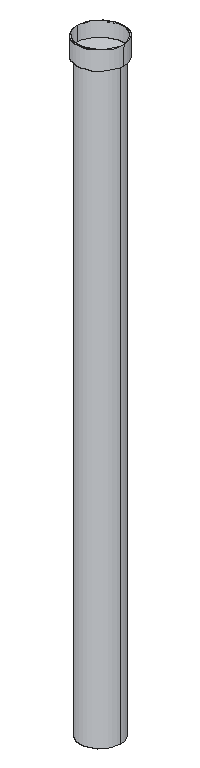
Revit family
Reference planes (in)
  plane 1 "Center (Front/Back)": y = 0
  plane 2: z = 0
  plane 3 "Center (Left/Right)": x = 0
Forms (in)
  Extrusion 1, solid
    sketch origin (0, 0, 0) x (1, 0, 0) y (0, 1, 0)
      loop
        circle (0.0136, -0.05644) r 4.6
    from -0.28534 to 3.30078
  Extrusion 2, solid
    sketch origin (0, 0, 0) x (1, 0, 0) y (0, 1, 0)
      loop
        circle (0, 0) r 4
    from 0 to -117.6
  Extrusion 3, void
    sketch origin (0, 0, 3.30078) x (0, 1, 0) y (1, 0, 0)
      loop
        circle (-0.05644, 0.0136) r 4.5
    from 0 to 2.80078
Cuts and joins
  Extrusion 3 cuts Extrusion 1
  Extrusion 3 cuts Extrusion 2
Dimensions and locks (in)
  aligned and locked: level to plane 2
Connectors (in)
  piping at (0, 0, -117.6)
    settings: on cut or joined group of Extrusion 2, Extrusion 3, index 2, connector radius 3 115/128", flow factor 0, pipe flow 0 GPM, pressure drop 0.00 psi, fitting loss kfactor 0, connector angle 0.00°, fixture units 0, flow configuration 0, flow direction 0, fitting loss method 0, system type 19, connector reference index -1, connector utility 0, adjustable connector no, is connector primary yes, fitting loss table "", connector description ""
  piping at (0.0136, -0.05644, 0.5)
    settings: on cut or joined group of Extrusion 1, Extrusion 3, index 3, connector radius 4 1/2", flow factor 0, pipe flow 0 GPM, pressure drop 0.00 psi, fitting loss kfactor 0, connector angle 0.00°, fixture units 0, flow configuration 0, flow direction 0, fitting loss method 0, system type 19, connector reference index -1, connector utility 0, adjustable connector no, is connector primary no, fitting loss table "", connector description ""
